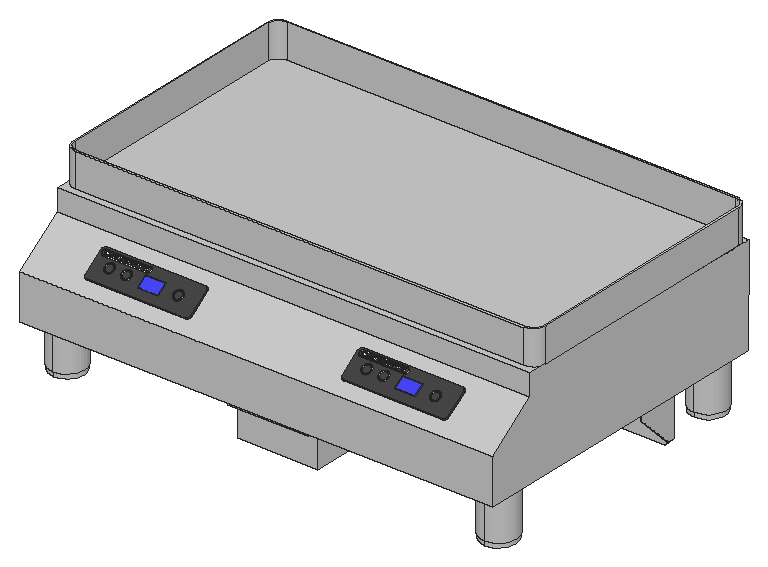
Revit family "QF_ADVENTYS_GLP_6000_250902020036", category Specialty Equipment, Revit 2021
Family settings
  Round Connector Dimension = Use Diameter
  Part Type = Normal
  OmniClass Number = 23.40.40.14
  OmniClass Title = Food Service Equipment
  Work Plane-Based = No
  Always vertical = Yes
  Cut with Voids When Loaded = No
  Shared = No
  Room Calculation Point = No
Parameters (values of type "ADV1557")
  Weight in Pounds [instance] = 0
  Weight = 28.00 kg
  Warranty Start Date [instance] = ""
  Warranty Duration [instance] = ""
  Volts [instance] = 230 V
  URL Recommended Spares List = ""
  URL Manufacturer = ""
  URL Cutsheet = ""
  URL Critical Spares List = ""
  URL = "www.adventys.com"
  Tag Number [instance] = ""
  Status [instance] = ""
  Specification by User [instance] = ""
  Specification by Manufacturer [instance] = ""
  Sound Level [instance] = ""
  Solid Fuel Type [instance] = ""
  Service Life Duration [instance] = ""
  Serial Number [instance] = ""
  Seismic Rating [instance] = ""
  SMACNA No [instance] = ""
  Revision Code [instance] = ""
  Revision [instance] = ""
  Production Year [instance] = ""
  Point Load [instance] = 0
  Phase [instance] = 1
  Other Equipment Approvals [instance] = ""
  Number of Poles [instance] = 2
  NAFEM Spec ID Number [instance] = ""
  Model Warning [instance] = ""
  Model = "GLP 6000"
  Min Ckt Ampacity [instance] = 0 A
  Max Overcurrent Protection [instance] = 10 A
  Masterspec [instance] = ""
  Manufacturer = "ADVENTYS"
  Length Actual = 695 mm
  Item Number [instance] = ""
  Installed By [instance] = ""
  Installation Date [instance] = ""
  Identify Quantity as Lot [instance] = no
  ID [instance] = ""
  Hygiene Approval [instance] = ""
  Hot Water Consumption = 0.0 L/s
  Height Actual = 267 mm
  HP power [instance] = ""
  Furnished By [instance] = ""
  Foodservice Equipment Identifier [instance] = no
  FL Amps [instance] = 26 A
  Electrical Remarks [instance] = "Plug not included"
  Electric power [instance] = 0 W
  Electric Connection Type [instance] = "Cord&Plug"
  Elec Conn RI Height [instance] = 0 mm
  Elec Conn Connection Height [instance] = 0 mm
  ETL Approved [instance] = no
  Description = "COUNTER-TOP INDUCTION PLANCHA 2 ZONES"
  Depth Actual = 470 mm
  Default Elevation = 0 mm
  Cycle [instance] = 50 Hz
  Cost = 5395
  Conn Plug [instance] = ""
  Conn Conduit [instance] = no
  CSI MasterFormat [instance] = ""
  CE Approved [instance] = no
  Barcode [instance] = 0
  Author [instance] = ""
  Asset Identifier [instance] = ""
  Apparent Power [instance] = 6000 VA
  Accessory = no
Reference planes
  plane 1 "Center (Front/Back)": y = 0
  plane 2: z = 0
  plane 3 "Center (Left/Right)": x = 0
Forms (mm)
  Extrusion 1, solid, not visible
    sketch origin (260.013, -151.007, 41.002) x (1, 0, 0) y (0, 1, 0)
      loop
        line (-2, 2) -> (-2, -2) -> (2, -2) -> (2, 2) -> (-2, 2)
    from -2 to 2
Dimensions and locks
  locked: nested 2 to Extrusion 1 at 2  (x2)
  aligned and locked: level to plane 2
Nested families
  nested 1: "QF_ADVENTYS_ADV1557_2916" at (0, 0.199, 0), type "ADV1557"
    with Status "", Show Logo yes, Show Clearance yes
  nested 2: "CONN_POINT_ELE_2D___Generic_Annotation" at (260.013, -151.007, 39.002), type "CONN_POINT_ELE_2D___Generic_Annotation"
    with Onboard connection annotation symbol visibility yes
Connectors
  electrical at (260.013, -151.007, 39.002), driven by "Apparent Power", driven by "Number of Poles", driven by "Volts"
    settings: on Extrusion 1, index 1, voltage 230 V, apparent load 0 VA, apparent load phase1 6000 VA, apparent load phase2 0 VA, apparent load phase3 0 VA, power factor 1, load classification "Other", number of poles 2, system type 31, power factor state 1, is connector primary yes, connector utility no, sub classification motor no, connector description "Electrical connection for GLP 6000"
Definition of nested family "QF_ADVENTYS_ADV1557_2916"
  Parameters (values of type "ADV1557")
    URL = "www.adventys.com"
    Status [instance] = ""
    Show Logo [instance] = yes
    Show Clearance [instance] = yes
    Model = "GLP 6000"
    Manufacturer = "ADVENTYS"
    Description = "COUNTER-TOP INDUCTION PLANCHA 2 ZONES"
    Default Elevation = 0 mm
    Author = "SPECIFI"
    Assembly Code = "E1090320"
  Reference planes
    plane 1 "Back": y = -0.199
    plane 2: z = 0
    plane 3 "Left": x = 0
    plane 4 "Right": x = 693.997
    plane 5 "Front": y = -470.144
    plane 6 "Top": z = 267
  Forms (mm)
    Extrusion 1, solid
      sketch origin (0, 0, 0) x (0, 1, 0) y (0, 0, 1)
        loop
          line (-470.144, 71.3) -> (-0.209, 71.3) -> (-0.209, 217.64) -> (-401.231, 217.64) -> (-401.231, 185.991) -> (-470.144, 137.738) -> (-470.144, 71.3)
      from 0 to 693.997
    Extrusion 2, solid
      sketch origin (1028.75, 0, 0) x (0, 1, 0) y (0, 0, 1)
        loop
          line (-450.248, 55.342) -> (-448.748, 55.342) -> (-448.748, 68.71) -> (-431.748, 68.71) -> (-431.748, 3.3) -> (-133.748, 3.3) -> (-133.748, 12.6) -> (-132.248, 12.6) -> (-132.248, 1.3) -> (-130.648, 1.3) -> (-130.648, 11.342) -> (-131.448, 11.342) -> (-131.448, 69.7) -> (-117.248, 69.7) -> (-117.248, 70.5) -> (-450.248, 70.5) -> (-450.248, 55.342)
      from -740.361 to -622.461
    Revolve 3, solid
      sketch origin (30, 0, 0) x (0, 1, 0) y (0, 0, 1)
        loop
          line (-421.198, 71.3) -> (-421.198, 0) -> (-396.22, 0) -> (-396.22, 7.002) -> (-395.201, 7.002) -> (-395.201, 71.3) -> (-421.198, 71.3)
        axis (-421.198, 71.3) -> (-421.198, 0)
      angle from 0 to 360
    Revolve 4, solid
      sketch origin (664.062, 0, 0) x (0, 1, 0) y (0, 0, 1)
        loop
          line (-421.198, 71.3) -> (-421.198, 0) -> (-396.22, 0) -> (-396.22, 7.002) -> (-395.201, 7.002) -> (-395.201, 71.3) -> (-421.198, 71.3)
        axis (-421.198, 71.3) -> (-421.198, 0)
      angle from 0 to 360
    Revolve 5, solid
      sketch origin (30, 385, 0) x (0, 1, 0) y (0, 0, 1)
        loop
          line (-421.198, 71.3) -> (-421.198, 0) -> (-396.22, 0) -> (-396.22, 7.002) -> (-395.201, 7.002) -> (-395.201, 71.3) -> (-421.198, 71.3)
        axis (-421.198, 71.3) -> (-421.198, 0)
      angle from 0 to 360
    Revolve 6, solid
      sketch origin (663.978, 385, 0) x (0, 1, 0) y (0, 0, 1)
        loop
          line (-421.198, 71.3) -> (-421.198, 0) -> (-396.22, 0) -> (-396.22, 7.002) -> (-395.201, 7.002) -> (-395.201, 71.3) -> (-421.198, 71.3)
        axis (-421.198, 71.3) -> (-421.198, 0)
      angle from 0 to 360
    Extrusion 7, solid
      sketch origin (1000, -0.209, 0) x (1, 0, 0) y (0, 0, 1)
        loop
          line (-309.6, 71.318) -> (-997.2, 71.318) -> (-997.2, 13.1) -> (-984.1, 0) -> (-321.9, 0) -> (-309.6, 12.3) -> (-309.6, 71.318)
        loop
          line (-718.35, 22.345) -> (-716.249, 25.522) -> (-714.709, 29.023) -> (-713.794, 32.675) -> (-713.5, 36.3) -> (-713.794, 39.925) -> (-714.709, 43.577) -> (-716.249, 47.078) -> (-718.35, 50.255) -> (-720.89, 52.972) -> (-723.713, 55.149) -> (-726.657, 56.768) -> (-729.918, 57.962) -> (-733.398, 58.649) -> (-736.976, 58.779) -> (-740.517, 58.342) -> (-743.892, 57.371) -> (-746.99, 55.933) -> (-749.733, 54.123) -> (-752.074, 52.045) -> (-754, 49.8) -> (-755.525, 47.481) -> (-756.681, 45.162) -> (-757.51, 42.901) -> (-758.058, 40.737) -> (-758.399, 38.43) -> (-758.5, 36.3) -> (-758.399, 34.17) -> (-758.058, 31.863) -> (-757.51, 29.699) -> (-756.681, 27.438) -> (-755.525, 25.119) -> (-754, 22.8) -> (-752.074, 20.556) -> (-749.733, 18.477) -> (-746.99, 16.667) -> (-743.892, 15.23) -> (-740.517, 14.258) -> (-736.976, 13.821) -> (-733.398, 13.951) -> (-729.918, 14.638) -> (-726.657, 15.832) -> (-723.713, 17.451) -> (-720.89, 19.628) -> (-718.35, 22.345)
      from 132.039 to 132.989
    Extrusion 8, solid
      sketch origin (0, 0, 0) x (0, 1, 0) y (0, 0, 1)
        loop
          line (-191.448, 71.3) -> (-191.448, 60.7) -> (-143.386, 12.638) -> (-133.386, 12.638) -> (-133.386, 71.3) -> (-191.448, 71.3)
      from 2.8 to 3.783
    Extrusion 9, solid
      sketch origin (686.662, 0, 0) x (0, 1, 0) y (0, 0, 1)
        loop
          line (-191.448, 71.3) -> (-191.448, 60.7) -> (-143.386, 12.638) -> (-133.386, 12.638) -> (-133.386, 71.3) -> (-191.448, 71.3)
      from 2.8 to 3.783
    Extrusion 10, solid
      sketch origin (1000, -8.125, 0) x (1, 0, 0) y (0, 1, 0)
        loop
          line (-945, -401.231) -> (-806.224, -401.231) -> (-806.224, -265.048) -> (-945, -265.048) -> (-945, -401.231)
      from 54.5 to 70.5
    Extrusion 11, solid
      sketch origin (1400.701, -8.125, 0) x (1, 0, 0) y (0, 1, 0)
        loop
          line (-942.801, -401.231) -> (-816.633, -401.231) -> (-816.633, -265.048) -> (-942.801, -265.048) -> (-942.801, -401.231)
      from 54.5 to 70.5
    Revolve 12, solid
      sketch origin (260.191, -85.355, 0) x (0, 1, 0) y (0, 0, 1)
        loop
          line (-66.248, 71.3) -> (-84.842, 71.3) -> (-84.842, 39) -> (-66.248, 39) -> (-66.248, 71.3)
        axis (-66.248, 71.3) -> (-66.248, 39)
      angle from 0 to 360
    Extrusion 13, solid
      sketch origin (1000, 0, 0) x (1, 0, 0) y (0, 1, 0)
        loop
          line (-1000, -17.698) -> (-1000, -372.698)
          arc (-1000, -372.698) -> (-994.874, -385.073) -> (-982.5, -390.198) r 17.5
          line (-982.5, -390.198) -> (-323.5, -390.198)
          arc (-323.5, -390.198) -> (-311.126, -385.073) -> (-306, -372.698) r 17.5
          line (-306, -372.698) -> (-306, -17.698)
          arc (-306, -17.698) -> (-311.126, -5.324) -> (-323.5, -0.198) r 17.5
          line (-323.5, -0.198) -> (-982.5, -0.198)
          arc (-982.5, -0.198) -> (-994.874, -5.324) -> (-1000, -17.698) r 17.5
        loop
          arc (-997.5, -372.698) -> (-993.107, -383.305) -> (-982.5, -387.698) r 15
          line (-982.5, -387.698) -> (-323.5, -387.698)
          arc (-323.5, -387.698) -> (-312.893, -383.305) -> (-308.5, -372.698) r 15
          line (-308.5, -372.698) -> (-308.5, -17.698)
          arc (-308.5, -17.698) -> (-312.893, -7.092) -> (-323.5, -2.698) r 15
          line (-323.5, -2.698) -> (-982.5, -2.698)
          arc (-982.5, -2.698) -> (-993.107, -7.092) -> (-997.5, -17.698) r 15
          line (-997.5, -17.698) -> (-997.5, -372.698)
      from 217.64 to 267
    Extrusion 14, void
      sketch origin (0, -500, 0) x (1, 0, 0) y (0, 1, 0)
        loop
          circle (347, 131.302) r 11
      from 195.482 to 222.64
    Extrusion 15, solid
      sketch origin (-12.443, -70.02, 243.337) x (1, 0, 0) y (0, 0.819152, 0.573576)
        loop
          arc (97.5, -323.032) -> (93.964, -324.496) -> (92.5, -328.032) r 5
          line (92.5, -328.032) -> (92.5, -363.032)
          arc (92.5, -363.032) -> (93.964, -366.568) -> (97.5, -368.032) r 5
          line (97.5, -368.032) -> (242.5, -368.032)
          arc (242.5, -368.032) -> (246.036, -366.568) -> (247.5, -363.032) r 5
          line (247.5, -363.032) -> (247.5, -328.032)
          arc (247.5, -328.032) -> (246.036, -324.496) -> (242.5, -323.032) r 5
          line (242.5, -323.032) -> (97.5, -323.032)
        loop
          circle (116.385, -345.532) r 6
        loop
          circle (116.385, -345.532) r 7
        loop
          circle (141.385, -345.532) r 7
        loop
          circle (141.385, -345.532) r 6
        loop
          circle (217.385, -345.532) r 6
        loop
          circle (217.385, -345.532) r 7
        loop
          line (193.667, -337.336) -> (163.667, -337.336) -> (163.667, -354.836) -> (193.667, -354.836) -> (193.667, -337.336)
      from 143 to 145
    Extrusion 16, solid
      sketch origin (12.557, -70.02, 243.337) x (1, 0, 0) y (0, 0.819152, 0.573576)
        loop
          circle (91.385, -345.532) r 6
        loop
          circle (116.385, -345.532) r 6
        loop
          circle (192.385, -345.532) r 6
        loop
          circle (91.385, -345.532) r 7
        loop
          circle (116.385, -345.532) r 7
        loop
          circle (192.385, -345.532) r 7
      from 143 to 145
    Extrusion 17, solid
      sketch origin (58.829, -70.02, 243.337) x (1, 0, 0) y (0, 0.819152, 0.573576)
        loop
          line (92.395, -337.336) -> (92.395, -354.836) -> (122.395, -354.836) -> (122.395, -337.336) -> (92.395, -337.336)
      from 143 to 145
    Extrusion 18, solid, visible <- "Show Logo"
      sketch origin (-0.673, 25.387, 271.357) x (1, 0, 0) y (0, 0.819152, 0.573576)
        loop
          arc (88.7, -421.254) -> (88.222, -421.452) -> (88.024, -421.93) r 0.676
          line (88.024, -421.93) -> (88.024, -423.602)
          arc (88.024, -423.602) -> (88.232, -424.091) -> (88.729, -424.278) r 0.676
          line (88.729, -424.278) -> (88.729, -423.012)
          arc (88.729, -423.012) -> (89.079, -422.316) -> (89.806, -422.035) r 1.082
          line (89.806, -422.035) -> (92.693, -422.035)
          arc (92.693, -422.035) -> (92.539, -421.491) -> (92.025, -421.254) r 0.676
          line (92.025, -421.254) -> (88.7, -421.254)
        loop
          arc (88.7, -420.848) -> (87.935, -421.165) -> (87.618, -421.93) r 1.082
          line (87.618, -421.93) -> (87.618, -423.602)
          arc (87.618, -423.602) -> (87.945, -424.378) -> (88.729, -424.684) r 1.082
          arc (88.729, -424.684) -> (89.006, -425.518) -> (89.811, -425.871) r 1.082
          arc (89.811, -425.871) -> (90.124, -426.642) -> (90.893, -426.963) r 1.082
          line (90.893, -426.963) -> (93.953, -426.963)
          arc (93.953, -426.963) -> (94.718, -426.646) -> (95.035, -425.881) r 1.082
          line (95.035, -425.881) -> (95.035, -424.315)
          arc (95.035, -424.315) -> (94.714, -423.546) -> (93.942, -423.233) r 1.082
          arc (93.942, -423.233) -> (93.745, -422.485) -> (93.099, -422.06) r 1.082
          arc (93.099, -422.06) -> (92.835, -421.213) -> (92.025, -420.848) r 1.082
          line (92.025, -420.848) -> (88.7, -420.848)
        loop
          arc (93.953, -426.557) -> (94.431, -426.359) -> (94.629, -425.881) r 0.676
          line (94.629, -425.881) -> (94.629, -424.315)
          arc (94.629, -424.315) -> (94.43, -423.835) -> (93.948, -423.638) r 0.676
          line (93.948, -423.638) -> (93.948, -424.789)
          arc (93.948, -424.789) -> (93.631, -425.554) -> (92.866, -425.871) r 1.082
          line (92.866, -425.871) -> (90.216, -425.871)
          arc (90.216, -425.871) -> (90.411, -426.355) -> (90.893, -426.557) r 0.676
          line (90.893, -426.557) -> (93.953, -426.557)
        loop
          arc (95.821, -425.184) -> (95.863, -425.723) -> (96.404, -425.709) r 0.393
          line (96.404, -425.709) -> (97.15, -424.963) -> (100.112, -424.963) -> (100.858, -425.709)
          arc (100.858, -425.709) -> (101.399, -425.723) -> (101.441, -425.184) r 0.393
          line (101.441, -425.184) -> (98.631, -421.714) -> (95.821, -425.184)
        loop
          line (98.631, -423.109) -> (97.68, -424.283) -> (99.582, -424.283) -> (98.631, -423.109)
        loop
          line (102.743, -421.78) -> (102.743, -425.773) -> (106.505, -425.773)
          arc (106.505, -425.773) -> (108.501, -423.776) -> (106.505, -421.78) r 1.997
          line (106.505, -421.78) -> (102.743, -421.78)
        loop
          line (106.505, -422.83) -> (103.793, -422.83) -> (103.793, -424.722) -> (106.505, -424.722)
          arc (106.505, -424.722) -> (107.451, -423.776) -> (106.505, -422.83) r 0.946
        loop
          arc (110.437, -422.011) -> (109.896, -421.997) -> (109.854, -422.536) r 0.393
          line (109.854, -422.536) -> (112.664, -426.006) -> (115.474, -422.536)
          arc (115.474, -422.536) -> (115.432, -421.997) -> (114.891, -422.011) r 0.393
          line (114.891, -422.011) -> (112.664, -424.762) -> (110.437, -422.011)
        loop
          line (122.122, -421.733) -> (116.807, -421.733) -> (116.807, -425.773) -> (122.122, -425.773)
          arc (122.122, -425.773) -> (122.533, -425.362) -> (122.122, -424.952) r 0.41
          line (122.122, -424.952) -> (117.728, -424.952) -> (117.728, -424.143) -> (122.122, -424.143)
          arc (122.122, -424.143) -> (122.494, -423.772) -> (122.122, -423.401) r 0.371
          line (122.122, -423.401) -> (117.728, -423.401) -> (117.728, -422.553) -> (122.122, -422.553)
          arc (122.122, -422.553) -> (122.533, -422.143) -> (122.122, -421.733) r 0.41
        loop
          line (123.768, -422.295) -> (123.768, -425.304)
          arc (123.768, -425.304) -> (124.205, -425.74) -> (124.641, -425.304) r 0.437
          line (124.641, -425.304) -> (124.641, -423.104) -> (128.532, -425.535)
          arc (128.532, -425.535) -> (129.163, -425.551) -> (129.483, -425.008) r 0.622
          line (129.483, -425.008) -> (129.483, -422.216)
          arc (129.483, -422.216) -> (129.023, -421.756) -> (128.563, -422.216) r 0.46
          line (128.563, -422.216) -> (128.563, -424.346) -> (124.57, -421.851)
          arc (124.57, -421.851) -> (124.038, -421.837) -> (123.768, -422.295) r 0.524
        loop
          arc (131.328, -421.811) -> (130.822, -422.316) -> (131.328, -422.822) r 0.506
          line (131.328, -422.822) -> (133.16, -422.822) -> (133.16, -425.108)
          arc (133.16, -425.108) -> (133.647, -425.594) -> (134.133, -425.108) r 0.486
          line (134.133, -425.108) -> (134.133, -422.822) -> (135.879, -422.822)
          arc (135.879, -422.822) -> (136.384, -422.316) -> (135.879, -421.811) r 0.506
          line (135.879, -421.811) -> (131.328, -421.811)
        loop
          line (140.723, -423.158) -> (138.718, -421.806)
          arc (138.718, -421.806) -> (138.039, -421.938) -> (138.171, -422.617) r 0.489
          line (138.171, -422.617) -> (140.176, -423.97) -> (140.176, -425.134)
          arc (140.176, -425.134) -> (140.723, -425.682) -> (141.27, -425.134) r 0.547
          line (141.27, -425.134) -> (141.27, -423.97) -> (143.275, -422.617)
          arc (143.275, -422.617) -> (143.407, -421.938) -> (142.728, -421.806) r 0.489
          line (142.728, -421.806) -> (140.723, -423.158)
        loop
          line (149.966, -421.811) -> (146.176, -421.811)
          arc (146.176, -421.811) -> (145.017, -422.97) -> (146.176, -424.129) r 1.159
          line (146.176, -424.129) -> (149.302, -424.129)
          arc (149.302, -424.129) -> (149.724, -424.551) -> (149.302, -424.973) r 0.422
          line (149.302, -424.973) -> (145.494, -424.973)
          arc (145.494, -424.973) -> (145.145, -425.323) -> (145.494, -425.672) r 0.349
          line (145.494, -425.672) -> (149.676, -425.672)
          arc (149.676, -425.672) -> (150.47, -424.404) -> (149.336, -423.429) r 1.147
          line (149.336, -423.429) -> (146.116, -423.429)
          arc (146.116, -423.429) -> (145.656, -422.969) -> (146.116, -422.509) r 0.46
          line (146.116, -422.509) -> (149.966, -422.509)
          arc (149.966, -422.509) -> (150.315, -422.16) -> (149.966, -421.811) r 0.349
        loop
          arc (87.536, -420.077) -> (83.683, -423.931) -> (87.536, -427.784) r 3.853
          line (87.536, -427.784) -> (151.604, -427.784)
          arc (151.604, -427.784) -> (155.457, -423.931) -> (151.604, -420.077) r 3.853
          line (151.604, -420.077) -> (87.536, -420.077)
        loop
          arc (87.536, -419.677) -> (83.283, -423.931) -> (87.536, -428.184) r 4.253
          line (87.536, -428.184) -> (151.604, -428.184)
          arc (151.604, -428.184) -> (155.857, -423.931) -> (151.604, -419.677) r 4.253
          line (151.604, -419.677) -> (87.536, -419.677)
      from 176.77 to 176.97
    Extrusion 19, solid
      sketch origin (365.557, -70.02, 243.337) x (1, 0, 0) y (0, 0.819152, 0.573576)
        loop
          arc (97.5, -323.032) -> (93.964, -324.496) -> (92.5, -328.032) r 5
          line (92.5, -328.032) -> (92.5, -363.032)
          arc (92.5, -363.032) -> (93.964, -366.568) -> (97.5, -368.032) r 5
          line (97.5, -368.032) -> (242.5, -368.032)
          arc (242.5, -368.032) -> (246.036, -366.568) -> (247.5, -363.032) r 5
          line (247.5, -363.032) -> (247.5, -328.032)
          arc (247.5, -328.032) -> (246.036, -324.496) -> (242.5, -323.032) r 5
          line (242.5, -323.032) -> (97.5, -323.032)
        loop
          circle (116.385, -345.532) r 6
        loop
          circle (116.385, -345.532) r 7
        loop
          circle (141.385, -345.532) r 7
        loop
          circle (141.385, -345.532) r 6
        loop
          circle (217.385, -345.532) r 6
        loop
          circle (217.385, -345.532) r 7
        loop
          line (193.667, -337.336) -> (163.667, -337.336) -> (163.667, -354.836) -> (193.667, -354.836) -> (193.667, -337.336)
      from 143 to 145
    Extrusion 20, solid
      sketch origin (390.557, -70.02, 243.337) x (1, 0, 0) y (0, 0.819152, 0.573576)
        loop
          circle (91.385, -345.532) r 6
        loop
          circle (116.385, -345.532) r 6
        loop
          circle (192.385, -345.532) r 6
        loop
          circle (91.385, -345.532) r 7
        loop
          circle (116.385, -345.532) r 7
        loop
          circle (192.385, -345.532) r 7
      from 143 to 145
    Extrusion 21, solid
      sketch origin (436.829, -70.02, 243.337) x (1, 0, 0) y (0, 0.819152, 0.573576)
        loop
          line (92.395, -337.336) -> (92.395, -354.836) -> (122.395, -354.836) -> (122.395, -337.336) -> (92.395, -337.336)
      from 143 to 145
    Extrusion 22, solid, visible <- "Show Logo"
      sketch origin (377.327, 25.387, 271.357) x (1, 0, 0) y (0, 0.819152, 0.573576)
        loop
          arc (88.7, -421.254) -> (88.222, -421.452) -> (88.024, -421.93) r 0.676
          line (88.024, -421.93) -> (88.024, -423.602)
          arc (88.024, -423.602) -> (88.232, -424.091) -> (88.729, -424.278) r 0.676
          line (88.729, -424.278) -> (88.729, -423.012)
          arc (88.729, -423.012) -> (89.079, -422.316) -> (89.806, -422.035) r 1.082
          line (89.806, -422.035) -> (92.693, -422.035)
          arc (92.693, -422.035) -> (92.539, -421.491) -> (92.025, -421.254) r 0.676
          line (92.025, -421.254) -> (88.7, -421.254)
        loop
          arc (88.7, -420.848) -> (87.935, -421.165) -> (87.618, -421.93) r 1.082
          line (87.618, -421.93) -> (87.618, -423.602)
          arc (87.618, -423.602) -> (87.945, -424.378) -> (88.729, -424.684) r 1.082
          arc (88.729, -424.684) -> (89.006, -425.518) -> (89.811, -425.871) r 1.082
          arc (89.811, -425.871) -> (90.124, -426.642) -> (90.893, -426.963) r 1.082
          line (90.893, -426.963) -> (93.953, -426.963)
          arc (93.953, -426.963) -> (94.718, -426.646) -> (95.035, -425.881) r 1.082
          line (95.035, -425.881) -> (95.035, -424.315)
          arc (95.035, -424.315) -> (94.714, -423.546) -> (93.942, -423.233) r 1.082
          arc (93.942, -423.233) -> (93.745, -422.485) -> (93.099, -422.06) r 1.082
          arc (93.099, -422.06) -> (92.835, -421.213) -> (92.025, -420.848) r 1.082
          line (92.025, -420.848) -> (88.7, -420.848)
        loop
          arc (93.953, -426.557) -> (94.431, -426.359) -> (94.629, -425.881) r 0.676
          line (94.629, -425.881) -> (94.629, -424.315)
          arc (94.629, -424.315) -> (94.43, -423.835) -> (93.948, -423.638) r 0.676
          line (93.948, -423.638) -> (93.948, -424.789)
          arc (93.948, -424.789) -> (93.631, -425.554) -> (92.866, -425.871) r 1.082
          line (92.866, -425.871) -> (90.216, -425.871)
          arc (90.216, -425.871) -> (90.411, -426.355) -> (90.893, -426.557) r 0.676
          line (90.893, -426.557) -> (93.953, -426.557)
        loop
          arc (95.821, -425.184) -> (95.863, -425.723) -> (96.404, -425.709) r 0.393
          line (96.404, -425.709) -> (97.15, -424.963) -> (100.112, -424.963) -> (100.858, -425.709)
          arc (100.858, -425.709) -> (101.399, -425.723) -> (101.441, -425.184) r 0.393
          line (101.441, -425.184) -> (98.631, -421.714) -> (95.821, -425.184)
        loop
          line (98.631, -423.109) -> (97.68, -424.283) -> (99.582, -424.283) -> (98.631, -423.109)
        loop
          line (102.743, -421.78) -> (102.743, -425.773) -> (106.505, -425.773)
          arc (106.505, -425.773) -> (108.501, -423.776) -> (106.505, -421.78) r 1.997
          line (106.505, -421.78) -> (102.743, -421.78)
        loop
          line (106.505, -422.83) -> (103.793, -422.83) -> (103.793, -424.722) -> (106.505, -424.722)
          arc (106.505, -424.722) -> (107.451, -423.776) -> (106.505, -422.83) r 0.946
        loop
          arc (110.437, -422.011) -> (109.896, -421.997) -> (109.854, -422.536) r 0.393
          line (109.854, -422.536) -> (112.664, -426.006) -> (115.474, -422.536)
          arc (115.474, -422.536) -> (115.432, -421.997) -> (114.891, -422.011) r 0.393
          line (114.891, -422.011) -> (112.664, -424.762) -> (110.437, -422.011)
        loop
          line (122.122, -421.733) -> (116.807, -421.733) -> (116.807, -425.773) -> (122.122, -425.773)
          arc (122.122, -425.773) -> (122.533, -425.362) -> (122.122, -424.952) r 0.41
          line (122.122, -424.952) -> (117.728, -424.952) -> (117.728, -424.143) -> (122.122, -424.143)
          arc (122.122, -424.143) -> (122.494, -423.772) -> (122.122, -423.401) r 0.371
          line (122.122, -423.401) -> (117.728, -423.401) -> (117.728, -422.553) -> (122.122, -422.553)
          arc (122.122, -422.553) -> (122.533, -422.143) -> (122.122, -421.733) r 0.41
        loop
          line (123.768, -422.295) -> (123.768, -425.304)
          arc (123.768, -425.304) -> (124.205, -425.74) -> (124.641, -425.304) r 0.437
          line (124.641, -425.304) -> (124.641, -423.104) -> (128.532, -425.535)
          arc (128.532, -425.535) -> (129.163, -425.551) -> (129.483, -425.008) r 0.622
          line (129.483, -425.008) -> (129.483, -422.216)
          arc (129.483, -422.216) -> (129.023, -421.756) -> (128.563, -422.216) r 0.46
          line (128.563, -422.216) -> (128.563, -424.346) -> (124.57, -421.851)
          arc (124.57, -421.851) -> (124.038, -421.837) -> (123.768, -422.295) r 0.524
        loop
          arc (131.328, -421.811) -> (130.822, -422.316) -> (131.328, -422.822) r 0.506
          line (131.328, -422.822) -> (133.16, -422.822) -> (133.16, -425.108)
          arc (133.16, -425.108) -> (133.647, -425.594) -> (134.133, -425.108) r 0.486
          line (134.133, -425.108) -> (134.133, -422.822) -> (135.879, -422.822)
          arc (135.879, -422.822) -> (136.384, -422.316) -> (135.879, -421.811) r 0.506
          line (135.879, -421.811) -> (131.328, -421.811)
        loop
          line (140.723, -423.158) -> (138.718, -421.806)
          arc (138.718, -421.806) -> (138.039, -421.938) -> (138.171, -422.617) r 0.489
          line (138.171, -422.617) -> (140.176, -423.97) -> (140.176, -425.134)
          arc (140.176, -425.134) -> (140.723, -425.682) -> (141.27, -425.134) r 0.547
          line (141.27, -425.134) -> (141.27, -423.97) -> (143.275, -422.617)
          arc (143.275, -422.617) -> (143.407, -421.938) -> (142.728, -421.806) r 0.489
          line (142.728, -421.806) -> (140.723, -423.158)
        loop
          line (149.966, -421.811) -> (146.176, -421.811)
          arc (146.176, -421.811) -> (145.017, -422.97) -> (146.176, -424.129) r 1.159
          line (146.176, -424.129) -> (149.302, -424.129)
          arc (149.302, -424.129) -> (149.724, -424.551) -> (149.302, -424.973) r 0.422
          line (149.302, -424.973) -> (145.494, -424.973)
          arc (145.494, -424.973) -> (145.145, -425.323) -> (145.494, -425.672) r 0.349
          line (145.494, -425.672) -> (149.676, -425.672)
          arc (149.676, -425.672) -> (150.47, -424.404) -> (149.336, -423.429) r 1.147
          line (149.336, -423.429) -> (146.116, -423.429)
          arc (146.116, -423.429) -> (145.656, -422.969) -> (146.116, -422.509) r 0.46
          line (146.116, -422.509) -> (149.966, -422.509)
          arc (149.966, -422.509) -> (150.315, -422.16) -> (149.966, -421.811) r 0.349
        loop
          arc (87.536, -420.077) -> (83.683, -423.931) -> (87.536, -427.784) r 3.853
          line (87.536, -427.784) -> (151.604, -427.784)
          arc (151.604, -427.784) -> (155.457, -423.931) -> (151.604, -420.077) r 3.853
          line (151.604, -420.077) -> (87.536, -420.077)
        loop
          arc (87.536, -419.677) -> (83.283, -423.931) -> (87.536, -428.184) r 4.253
          line (87.536, -428.184) -> (151.604, -428.184)
          arc (151.604, -428.184) -> (155.857, -423.931) -> (151.604, -419.677) r 4.253
          line (151.604, -419.677) -> (87.536, -419.677)
      from 176.77 to 176.97
  Cuts and joins
    Extrusion 14 cuts Extrusion 1
  Lines and regions (mm)
    symbolic lines
      curve 1: line (0, -470.144, 0) -> (0, -0.209, 0)
      curve 2: line (0, -0.209, 0) -> (693.997, -0.209, 0)
      curve 3: line (693.997, -0.209, 0) -> (693.997, -470.144, 0)
      curve 4: line (693.997, -470.144, 0) -> (0, -470.144, 0)
      curve 5: line (0, -401.231, 0) -> (693.997, -401.231, 0)
      curve 6: line (676.5, -387.698, 0) -> (17.5, -387.698, 0)
      curve 7: line (2.5, -372.698, 0) -> (2.5, -17.698, 0)
      curve 8: arc (17.5, -387.698, 0) -> (6.893, -383.305, 0) -> (2.5, -372.698, 0) r 15
      curve 9: line (17.5, -2.698, 0) -> (676.5, -2.698, 0)
      curve 10: line (691.5, -17.698, 0) -> (691.5, -372.698, 0)
      curve 11: arc (691.5, -372.698, 0) -> (687.107, -383.305, 0) -> (676.5, -387.698, 0) r 15
      curve 12: arc (691.5, -17.698, 0) -> (687.107, -7.091, 0) -> (676.5, -2.698, 0) r 15
      curve 13: arc (2.5, -17.698, 0) -> (6.893, -7.091, 0) -> (17.5, -2.698, 0) r 15
      curve 14: arc (0, -17.698, 0) -> (4.912, -5.541, 0) -> (16.89, -0.209, 0) r 17.5
      curve 15: arc (693.997, -17.394, 0) -> (688.982, -5.432, 0) -> (677.11, -0.209, 0) r 17.5
      curve 16: arc (693.997, -373.003, 0) -> (688.766, -385.18, 0) -> (676.5, -390.198, 0) r 17.5
      curve 17: line (676.5, -390.198, 0) -> (17.5, -390.198, 0)
      curve 18: arc (17.5, -390.198, 0) -> (5.126, -385.072, 0) -> (0, -372.698, 0) r 17.5
      curve 19: line (235.057, -450.567, 0) -> (235.057, -421.897, 0)
      curve 20: spline (235.057, -421.897, 0) -> (235.014, -421.362, 0) -> (234.886, -420.837, 0) -> (234.676, -420.33, 0) -> (234.387, -419.849, 0) -> (234.024, -419.404, 0) -> (233.592, -419.001, 0) -> (233.101, -418.648, 0) -> (232.557, -418.35, 0) -> (231.97, -418.113, 0) -> (231.351, -417.941, 0) -> (230.709, -417.836, 0) -> (230.057, -417.801, 0)
      curve 21: line (230.057, -417.801, 0) -> (85.057, -417.801, 0)
      curve 22: spline (230.057, -454.663, 0) -> (230.709, -454.628, 0) -> (231.351, -454.524, 0) -> (231.97, -454.351, 0) -> (232.557, -454.114, 0) -> (233.101, -453.817, 0) -> (233.592, -453.463, 0) -> (234.024, -453.061, 0) -> (234.387, -452.615, 0) -> (234.676, -452.135, 0) -> (234.886, -451.627, 0) -> (235.014, -451.102, 0) -> (235.057, -450.567, 0)
      curve 23: line (85.057, -454.663, 0) -> (230.057, -454.663, 0)
      curve 24: spline (80.057, -450.567, 0) -> (80.1, -451.102, 0) -> (80.227, -451.627, 0) -> (80.437, -452.135, 0) -> (80.727, -452.615, 0) -> (81.09, -453.061, 0) -> (81.521, -453.463, 0) -> (82.013, -453.817, 0) -> (82.557, -454.114, 0) -> (83.143, -454.351, 0) -> (83.763, -454.524, 0) -> (84.404, -454.628, 0) -> (85.057, -454.663, 0)
      curve 25: line (80.057, -421.897, 0) -> (80.057, -450.567, 0)
      curve 26: spline (85.057, -417.801, 0) -> (84.404, -417.836, 0) -> (83.763, -417.941, 0) -> (83.143, -418.113, 0) -> (82.557, -418.35, 0) -> (82.013, -418.648, 0) -> (81.521, -419.001, 0) -> (81.09, -419.404, 0) -> (80.727, -419.849, 0) -> (80.437, -420.33, 0) -> (80.227, -420.837, 0) -> (80.1, -421.362, 0) -> (80.057, -421.897, 0)
      curve 27: spline (110.941, -436.232, 0) -> (110.703, -434.748, 0) -> (110.004, -433.365, 0) -> (108.891, -432.178, 0) -> (107.441, -431.266, 0) -> (105.753, -430.693, 0) -> (103.941, -430.498, 0) -> (102.13, -430.693, 0) -> (100.441, -431.266, 0) -> (98.992, -432.178, 0) -> (97.879, -433.365, 0) -> (97.18, -434.748, 0) -> (96.941, -436.232, 0)
      curve 28: spline (97.941, -436.232, 0) -> (98.146, -434.96, 0) -> (98.745, -433.775, 0) -> (99.699, -432.757, 0) -> (100.941, -431.976, 0) -> (102.389, -431.485, 0) -> (103.941, -431.317, 0) -> (105.494, -431.485, 0) -> (106.941, -431.976, 0) -> (108.184, -432.757, 0) -> (109.138, -433.775, 0) -> (109.737, -434.96, 0) -> (109.941, -436.232, 0)
      curve 29: spline (96.941, -436.232, 0) -> (97.18, -437.716, 0) -> (97.879, -439.099, 0) -> (98.992, -440.287, 0) -> (100.441, -441.198, 0) -> (102.13, -441.771, 0) -> (103.941, -441.966, 0) -> (105.753, -441.771, 0) -> (107.441, -441.198, 0) -> (108.891, -440.287, 0) -> (110.004, -439.099, 0) -> (110.703, -437.716, 0) -> (110.941, -436.232, 0)
      curve 30: spline (97.941, -436.232, 0) -> (98.146, -437.504, 0) -> (98.745, -438.69, 0) -> (99.699, -439.708, 0) -> (100.941, -440.489, 0) -> (102.389, -440.98, 0) -> (103.941, -441.147, 0) -> (105.494, -440.98, 0) -> (106.941, -440.489, 0) -> (108.184, -439.708, 0) -> (109.138, -438.69, 0) -> (109.737, -437.504, 0) -> (109.941, -436.232, 0)
      curve 31: spline (134.941, -436.232, 0) -> (134.737, -437.504, 0) -> (134.138, -438.69, 0) -> (133.184, -439.708, 0) -> (131.941, -440.489, 0) -> (130.494, -440.98, 0) -> (128.941, -441.147, 0) -> (127.389, -440.98, 0) -> (125.941, -440.489, 0) -> (124.699, -439.708, 0) -> (123.745, -438.69, 0) -> (123.146, -437.504, 0) -> (122.941, -436.232, 0)
      curve 32: spline (135.941, -436.232, 0) -> (135.703, -437.716, 0) -> (135.004, -439.099, 0) -> (133.891, -440.287, 0) -> (132.441, -441.198, 0) -> (130.753, -441.771, 0) -> (128.941, -441.966, 0) -> (127.13, -441.771, 0) -> (125.441, -441.198, 0) -> (123.992, -440.287, 0) -> (122.879, -439.099, 0) -> (122.18, -437.716, 0) -> (121.941, -436.232, 0)
      curve 33: spline (122.941, -436.232, 0) -> (123.146, -434.96, 0) -> (123.745, -433.775, 0) -> (124.699, -432.757, 0) -> (125.941, -431.976, 0) -> (127.389, -431.485, 0) -> (128.941, -431.317, 0) -> (130.494, -431.485, 0) -> (131.941, -431.976, 0) -> (133.184, -432.757, 0) -> (134.138, -433.775, 0) -> (134.737, -434.96, 0) -> (134.941, -436.232, 0)
      curve 34: spline (135.941, -436.232, 0) -> (135.703, -434.748, 0) -> (135.004, -433.365, 0) -> (133.891, -432.178, 0) -> (132.441, -431.266, 0) -> (130.753, -430.693, 0) -> (128.941, -430.498, 0) -> (127.13, -430.693, 0) -> (125.441, -431.266, 0) -> (123.992, -432.178, 0) -> (122.879, -433.365, 0) -> (122.18, -434.748, 0) -> (121.941, -436.232, 0)
      curve 35: line (181.224, -429.518, 0) -> (151.224, -429.518, 0)
      curve 36: line (151.224, -429.518, 0) -> (151.224, -443.853, 0)
      curve 37: line (181.224, -443.853, 0) -> (181.224, -429.518, 0)
      curve 38: line (151.224, -443.853, 0) -> (181.224, -443.853, 0)
      curve 39: spline (211.941, -436.232, 0) -> (211.703, -434.748, 0) -> (211.004, -433.365, 0) -> (209.891, -432.178, 0) -> (208.441, -431.266, 0) -> (206.753, -430.693, 0) -> (204.941, -430.498, 0) -> (203.13, -430.693, 0) -> (201.441, -431.266, 0) -> (199.992, -432.178, 0) -> (198.879, -433.365, 0) -> (198.18, -434.748, 0) -> (197.941, -436.232, 0)
      curve 40: spline (197.941, -436.232, 0) -> (198.18, -437.716, 0) -> (198.879, -439.099, 0) -> (199.992, -440.287, 0) -> (201.441, -441.198, 0) -> (203.13, -441.771, 0) -> (204.941, -441.966, 0) -> (206.753, -441.771, 0) -> (208.441, -441.198, 0) -> (209.891, -440.287, 0) -> (211.004, -439.099, 0) -> (211.703, -437.716, 0) -> (211.941, -436.232, 0)
      curve 41: spline (198.941, -436.232, 0) -> (199.146, -437.504, 0) -> (199.745, -438.69, 0) -> (200.699, -439.708, 0) -> (201.941, -440.489, 0) -> (203.389, -440.98, 0) -> (204.941, -441.147, 0) -> (206.494, -440.98, 0) -> (207.941, -440.489, 0) -> (209.184, -439.708, 0) -> (210.138, -438.69, 0) -> (210.737, -437.504, 0) -> (210.941, -436.232, 0)
      curve 42: spline (198.941, -436.232, 0) -> (199.146, -434.96, 0) -> (199.745, -433.775, 0) -> (200.699, -432.757, 0) -> (201.941, -431.976, 0) -> (203.389, -431.485, 0) -> (204.941, -431.317, 0) -> (206.494, -431.485, 0) -> (207.941, -431.976, 0) -> (209.184, -432.757, 0) -> (210.138, -433.775, 0) -> (210.737, -434.96, 0) -> (210.941, -436.232, 0)
      curve 43: line (613.057, -450.567, 0) -> (613.057, -421.897, 0)
      curve 44: spline (613.057, -421.897, 0) -> (613.014, -421.362, 0) -> (612.886, -420.837, 0) -> (612.676, -420.33, 0) -> (612.387, -419.849, 0) -> (612.024, -419.404, 0) -> (611.592, -419.001, 0) -> (611.101, -418.648, 0) -> (610.557, -418.35, 0) -> (609.97, -418.113, 0) -> (609.351, -417.941, 0) -> (608.709, -417.836, 0) -> (608.057, -417.801, 0)
      curve 45: line (608.057, -417.801, 0) -> (463.057, -417.801, 0)
      curve 46: spline (608.057, -454.663, 0) -> (608.709, -454.628, 0) -> (609.351, -454.524, 0) -> (609.97, -454.351, 0) -> (610.557, -454.114, 0) -> (611.101, -453.817, 0) -> (611.592, -453.463, 0) -> (612.024, -453.061, 0) -> (612.387, -452.615, 0) -> (612.676, -452.135, 0) -> (612.886, -451.627, 0) -> (613.014, -451.102, 0) -> (613.057, -450.567, 0)
      curve 47: line (463.057, -454.663, 0) -> (608.057, -454.663, 0)
      curve 48: spline (458.057, -450.567, 0) -> (458.1, -451.102, 0) -> (458.227, -451.627, 0) -> (458.437, -452.135, 0) -> (458.727, -452.615, 0) -> (459.09, -453.061, 0) -> (459.521, -453.463, 0) -> (460.013, -453.817, 0) -> (460.557, -454.114, 0) -> (461.143, -454.351, 0) -> (461.763, -454.524, 0) -> (462.404, -454.628, 0) -> (463.057, -454.663, 0)
      curve 49: line (458.057, -421.897, 0) -> (458.057, -450.567, 0)
      curve 50: spline (463.057, -417.801, 0) -> (462.404, -417.836, 0) -> (461.763, -417.941, 0) -> (461.143, -418.113, 0) -> (460.557, -418.35, 0) -> (460.013, -418.648, 0) -> (459.521, -419.001, 0) -> (459.09, -419.404, 0) -> (458.727, -419.849, 0) -> (458.437, -420.33, 0) -> (458.227, -420.837, 0) -> (458.1, -421.362, 0) -> (458.057, -421.897, 0)
      curve 51: spline (488.941, -436.232, 0) -> (488.703, -434.748, 0) -> (488.004, -433.365, 0) -> (486.891, -432.178, 0) -> (485.441, -431.266, 0) -> (483.753, -430.693, 0) -> (481.941, -430.498, 0) -> (480.13, -430.693, 0) -> (478.441, -431.266, 0) -> (476.992, -432.178, 0) -> (475.879, -433.365, 0) -> (475.18, -434.748, 0) -> (474.941, -436.232, 0)
      curve 52: spline (475.941, -436.232, 0) -> (476.146, -434.96, 0) -> (476.745, -433.775, 0) -> (477.699, -432.757, 0) -> (478.941, -431.976, 0) -> (480.389, -431.485, 0) -> (481.941, -431.317, 0) -> (483.494, -431.485, 0) -> (484.941, -431.976, 0) -> (486.184, -432.757, 0) -> (487.138, -433.775, 0) -> (487.737, -434.96, 0) -> (487.941, -436.232, 0)
      curve 53: spline (474.941, -436.232, 0) -> (475.18, -437.716, 0) -> (475.879, -439.099, 0) -> (476.992, -440.287, 0) -> (478.441, -441.198, 0) -> (480.13, -441.771, 0) -> (481.941, -441.966, 0) -> (483.753, -441.771, 0) -> (485.441, -441.198, 0) -> (486.891, -440.287, 0) -> (488.004, -439.099, 0) -> (488.703, -437.716, 0) -> (488.941, -436.232, 0)
      curve 54: spline (475.941, -436.232, 0) -> (476.146, -437.504, 0) -> (476.745, -438.69, 0) -> (477.699, -439.708, 0) -> (478.941, -440.489, 0) -> (480.389, -440.98, 0) -> (481.941, -441.147, 0) -> (483.494, -440.98, 0) -> (484.941, -440.489, 0) -> (486.184, -439.708, 0) -> (487.138, -438.69, 0) -> (487.737, -437.504, 0) -> (487.941, -436.232, 0)
      curve 55: spline (512.941, -436.232, 0) -> (512.737, -437.504, 0) -> (512.138, -438.69, 0) -> (511.184, -439.708, 0) -> (509.941, -440.489, 0) -> (508.494, -440.98, 0) -> (506.941, -441.147, 0) -> (505.389, -440.98, 0) -> (503.941, -440.489, 0) -> (502.699, -439.708, 0) -> (501.745, -438.69, 0) -> (501.146, -437.504, 0) -> (500.941, -436.232, 0)
      curve 56: spline (513.941, -436.232, 0) -> (513.703, -437.716, 0) -> (513.004, -439.099, 0) -> (511.891, -440.287, 0) -> (510.441, -441.198, 0) -> (508.753, -441.771, 0) -> (506.941, -441.966, 0) -> (505.13, -441.771, 0) -> (503.441, -441.198, 0) -> (501.992, -440.287, 0) -> (500.879, -439.099, 0) -> (500.18, -437.716, 0) -> (499.941, -436.232, 0)
      curve 57: spline (500.941, -436.232, 0) -> (501.146, -434.96, 0) -> (501.745, -433.775, 0) -> (502.699, -432.757, 0) -> (503.941, -431.976, 0) -> (505.389, -431.485, 0) -> (506.941, -431.317, 0) -> (508.494, -431.485, 0) -> (509.941, -431.976, 0) -> (511.184, -432.757, 0) -> (512.138, -433.775, 0) -> (512.737, -434.96, 0) -> (512.941, -436.232, 0)
      curve 58: spline (513.941, -436.232, 0) -> (513.703, -434.748, 0) -> (513.004, -433.365, 0) -> (511.891, -432.178, 0) -> (510.441, -431.266, 0) -> (508.753, -430.693, 0) -> (506.941, -430.498, 0) -> (505.13, -430.693, 0) -> (503.441, -431.266, 0) -> (501.992, -432.178, 0) -> (500.879, -433.365, 0) -> (500.18, -434.748, 0) -> (499.941, -436.232, 0)
      curve 59: line (559.224, -429.518, 0) -> (529.224, -429.518, 0)
      curve 60: line (529.224, -429.518, 0) -> (529.224, -443.853, 0)
      curve 61: line (559.224, -443.853, 0) -> (559.224, -429.518, 0)
      curve 62: line (529.224, -443.853, 0) -> (559.224, -443.853, 0)
      curve 63: spline (589.941, -436.232, 0) -> (589.703, -434.748, 0) -> (589.004, -433.365, 0) -> (587.891, -432.178, 0) -> (586.441, -431.266, 0) -> (584.753, -430.693, 0) -> (582.941, -430.498, 0) -> (581.13, -430.693, 0) -> (579.441, -431.266, 0) -> (577.992, -432.178, 0) -> (576.879, -433.365, 0) -> (576.18, -434.748, 0) -> (575.941, -436.232, 0)
      curve 64: spline (575.941, -436.232, 0) -> (576.18, -437.716, 0) -> (576.879, -439.099, 0) -> (577.992, -440.287, 0) -> (579.441, -441.198, 0) -> (581.13, -441.771, 0) -> (582.941, -441.966, 0) -> (584.753, -441.771, 0) -> (586.441, -441.198, 0) -> (587.891, -440.287, 0) -> (589.004, -439.099, 0) -> (589.703, -437.716, 0) -> (589.941, -436.232, 0)
      curve 65: spline (576.941, -436.232, 0) -> (577.146, -437.504, 0) -> (577.745, -438.69, 0) -> (578.699, -439.708, 0) -> (579.941, -440.489, 0) -> (581.389, -440.98, 0) -> (582.941, -441.147, 0) -> (584.494, -440.98, 0) -> (585.941, -440.489, 0) -> (587.184, -439.708, 0) -> (588.138, -438.69, 0) -> (588.737, -437.504, 0) -> (588.941, -436.232, 0)
      curve 66: spline (576.941, -436.232, 0) -> (577.146, -434.96, 0) -> (577.745, -433.775, 0) -> (578.699, -432.757, 0) -> (579.941, -431.976, 0) -> (581.389, -431.485, 0) -> (582.941, -431.317, 0) -> (584.494, -431.485, 0) -> (585.941, -431.976, 0) -> (587.184, -432.757, 0) -> (588.138, -433.775, 0) -> (588.737, -434.96, 0) -> (588.941, -436.232, 0)
      curve 67: arc (358, -368.698, 0) -> (347, -357.698, 0) -> (336, -368.698, 0) r 11
      curve 68: arc (336, -368.698, 0) -> (347, -379.698, 0) -> (358, -368.698, 0) r 11
  Dimensions and locks
    plane 3 "Left" to plane 4 "Right" = 693.997 mm
    plane 5 "Front" to plane 1 "Back" = 469.945 mm
    plane 6 "Top" to level = 267 mm
    aligned and locked: level to plane 2
Definition of nested family "CONN_POINT_ELE_2D___Generic_Annotation"
  Parameters (values of type "CONN_POINT_ELE_2D___Generic_Annotation")
    Onboard connection annotation symbol visibility [instance] = yes
  Reference planes
    plane 1: y = 0
    plane 2: x = 0
  Lines and regions (mm)
    detail lines, visible <- "Onboard connection annotation symbol visibility"
      curve 1: circle (0, 0, 0) r 0.5 normal (0, 0, 1)
      curve 2: line (-1, 0, 0) -> (1, 0, 0)
      curve 3: line (0, 1, 0) -> (0, -1, 0)
      curve 4: line (2.5, 1, 0) -> (1.25, 1, 0)
      curve 5: line (1.25, 1, 0) -> (1.25, -1, 0)
      curve 6: line (1.25, -1, 0) -> (2.5, -1, 0)
      curve 7: line (1.25, 0, 0) -> (2, 0, 0)
